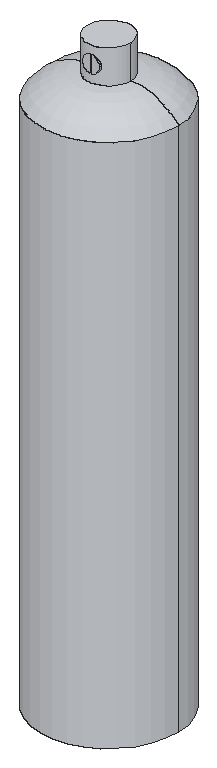
Revit family "Корпус фильтра Canature 1665 4-0", category Оборудование, Revit 2025
Family settings
  Размер круглого соединителя = Использовать диаметр
  Классификация = Нет
  Тип детали = Нормальный
  На основе рабочей плоскости = Нет
  Всегда вертикально = Да
  При загрузке вырезать с полостями = Нет
  Сохранять ориентацию аннотаций = Нет
  Общий = Да
  Точка принадлежности помещению = Нет
Parameters
  Радиус = 205 mm
  Отметка по умолчанию = 0 mm
  Высота подключения = 1721 mm
  Высота = 1671 mm
  ADSK_Наименование [instance] = "Корпус фильтра Canature 1665 4\"-0\""
Reference planes
  plane 1 "По центру (Вперед/Назад)": y = 0
  plane 2: z = 0
  plane 3 "По центру (Влево/Вправо)": x = 0
  plane 4: z = 1671
Forms (mm)
  Revolve 1, solid
    sketch origin (0, 0, 0) x (1, 0, 0) y (0, 0, 1)
      loop
        line (0, 1671) -> (0, 0) -> (205, 0) -> (205, 1600)
        arc (205, 1600) -> (143.487, 1652.235) -> (65, 1671) r 173.528
        line (65, 1671) -> (0, 1671)
      axis (0, 1671) -> (0, 0)
    angle from 0 to 360
  Extrusion 2, solid
    sketch origin (0, 0, 0) x (1, 0, 0) y (0, 1, 0)
      loop
        circle (0, 0) r 65
    from 1671 to 1771
  Extrusion 3, solid
    sketch origin (0, 0, 0) x (1, 0, 0) y (0, 0, 1)
      loop
        circle (0, 1721) r 25
    from -65 to 65
Lines and regions (mm)
  reference lines
    curve 1: line (0, 0, -260) -> (0, 0, 2060)
    curve 2: line (205, 0, -340) -> (205, 0, 2320)
    curve 3: line (-1179.824, 0, 1721) -> (1540.176, 0, 1721)
Dimensions and locks
  "Высота": plane 4 to plane 2
  "Радиус": curve 2 to curve 1
  "Высота подключения": curve 3 to plane 2
  aligned and locked: level to plane 2
  aligned and locked: Revolve 1 sketch curve to plane 3 "По центру (Влево/Вправо)"
  aligned and locked: Extrusion 2 to plane 4
  aligned and locked: curve 2 to Revolve 1 sketch curve
  aligned and locked: Revolve 1 sketch curve to level
  aligned and locked: plane 4 to Revolve 1 sketch curve
Automatic sketch dimensions
  plane 1 "По центру (Вперед/Назад)" to Extrusion 2 sketch curve = 0 mm
  Extrusion 2 sketch curve to plane 3 "По центру (Влево/Вправо)" = 0 mm
  Revolve 1 sketch curve to plane 3 "По центру (Влево/Вправо)" = 0 mm
  plane 3 "По центру (Влево/Вправо)" to Revolve 1 sketch curve = 65 mm
  Revolve 1 sketch curve to plane 4 = 173.528 mm
  Revolve 1 sketch curve to level = 174.099 mm
  plane 4 to Revolve 1 sketch curve = 426.452 mm
  Extrusion 3 sketch curve to plane 3 "По центру (Влево/Вправо)" = 0 mm
  plane 4 to Extrusion 3 sketch curve = 50 mm
  curve 1 to plane 3 "По центру (Влево/Вправо)" = 0 mm
  curve 3 to plane 3 "По центру (Влево/Вправо)" = 1179.824 mm
  curve 2 to curve 3 = 1335.176 mm
  curve 1 to level = 260 mm
  curve 2 to curve 1 = 80 mm
  plane 4 to curve 1 = 389 mm
  curve 1 to curve 2 = 260 mm
  radius of Extrusion 2 sketch curve = 65 mm
  radius of Extrusion 3 sketch curve = 25 mm
Connectors
  piping at (0, -65, 1721), diameter 40
    settings: on Extrusion 3, index 1, connector inside diameter 609.6 mm, connector length 0 mm, flow factor 0, pipe flow 0.0 L/s, pressure drop 0.0 Pa, fitting loss kfactor 0, connector angle 0.00°, fixture units 0, engagement length 0 mm, angle of deflection 0.00°, flow configuration 0, flow direction 0, fitting loss method 0, system type 7, joint type 0, gender type 0, connector reference index 2, connector utility 0, adjustable connector no, is connector primary yes, connector description ""
  piping at (0, 65, 1721), diameter 40
    settings: on Extrusion 3, index 2, connector inside diameter 609.6 mm, connector length 0 mm, flow factor 0, pipe flow 0.0 L/s, pressure drop 0.0 Pa, fitting loss kfactor 0, connector angle 0.00°, fixture units 0, engagement length 0 mm, angle of deflection 0.00°, flow configuration 0, flow direction 0, fitting loss method 0, system type 7, joint type 0, gender type 0, connector reference index 1, connector utility 0, adjustable connector no, is connector primary no, connector description ""
